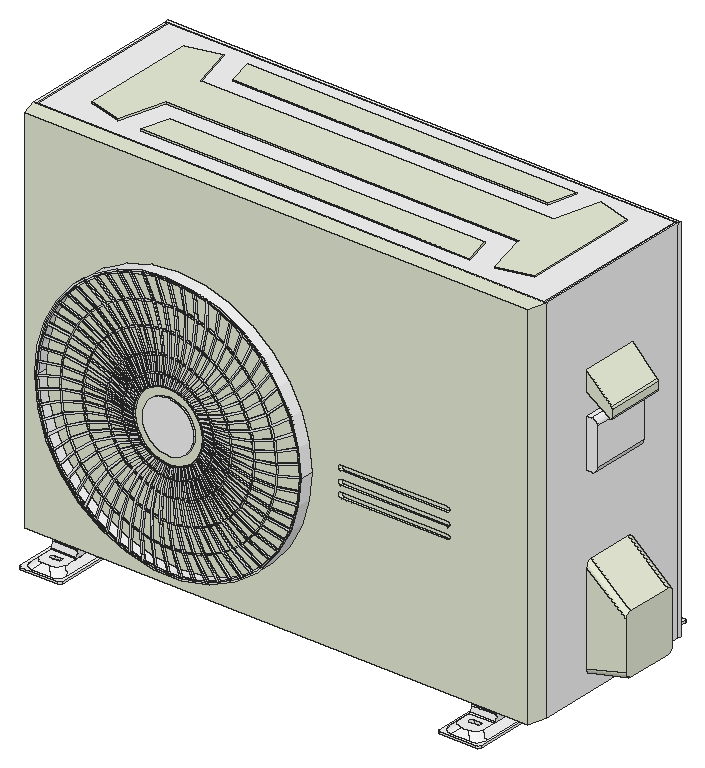
Revit family "SYSCOOL FLOOR 24 HP Q, наружный  блок", category Оборудование, Revit 2019
Family settings
  Размер круглого соединителя = Использовать диаметр
  Тип детали = Нормальный
  Номер OmniClass = 23.75.00.00
  Заголовок OmniClass = Climate Control (HVAC)
  На основе рабочей плоскости = Нет
  Всегда вертикально = Да
  При загрузке вырезать с полостями = Нет
  Общий = Нет
  Точка расчета площади = Нет
Parameters (values of type "MOX430-24HN1-QB6")
  clearance access right = 600.000 mm
  clearance access left = 300.000 mm
  clearance access front = 2000.000 mm
  clearance access behind = 300.000 mm
  clearance [instance] = no
  Width = 890.000 mm
  Series = ""
  Power supply = "1 phase, 220-240V, 50Hz"
  Net Weight = 55.50 kg
  Группа модели = "MOX430-24HN1-QB6"
  Liquid pipe Radius = 0.5 * Liquid pipe  # 4.760 mm
  Liquid pipe = 9.520 mm
  Installation = "Outdoor installation"
  Height = 673.000 mm
  Gas pipe Radius = 0.5 * Gas pipe  # 7.950 mm
  Gas pipe = 15.900 mm
  Gas = "R410A"
  Depth = 342.000 mm
  Condensation = ""
  Compressor = "1"
  Casing color = "SB2098"
  Air Flow = 3650.00 m³/h
Reference planes
  plane 1 "Center (Front/Back)": y = 0
  plane 2: z = 0
  plane 3 "Center (Left/Right)": x = 0
  plane 4: y = 155.5
  plane 5: y = -189.5
  plane 6: x = -400
  plane 7: x = 495
  plane 8: z = 406.5
  plane 9: z = 673
  plane 10: z = 289.5
  plane 11: x = -415
Forms (mm)
  Extrusion 1, solid, material "Galvanized Steel", detail levels medium+fine
    sketch origin (-463, 23.5, 789) x (1, 0, 0) y (0, 1, 0)
      loop
        line (63, -159) -> (71.574, -191) -> (949.426, -191) -> (958, -159) -> (63, -159)
    from -765 to -116
  Extrusion 2, void
    sketch origin (0, 0, -120) x (1, 0, 0) y (0, 0, 1)
      loop
        circle (-122.999, 406.499) r 230
    from 117.48 to 159
  Extrusion 3, solid, material "Galvanized Steel", detail levels fine
    sketch origin (0, 0, 0) x (1, 0, 0) y (0, 1, 0)
      loop
        line (-336.632, 111.286) -> (-336.632, -88.714) -> (-278.677, -104.243) -> (-257.971, -26.969) -> (100, -26.969) -> (357.971, -26.969) -> (378.677, -104.243) -> (436.632, -88.714) -> (436.632, 111.286) -> (378.677, 126.816) -> (357.971, 49.542) -> (100, 49.542) -> (-257.971, 49.542) -> (-278.677, 126.816) -> (-336.632, 111.286)
      loop
        line (-237.266, 126.816) -> (-224.511, 79.213) -> (100, 79.213) -> (324.511, 79.213) -> (337.266, 126.816) -> (100, 126.816) -> (-237.266, 126.816)
      loop
        line (-237.266, -106.816) -> (100, -106.816) -> (337.266, -106.816) -> (324.511, -59.213) -> (100, -59.213) -> (-224.511, -59.213) -> (-237.266, -106.816)
    from 673 to 675
  Extrusion 4, solid, material "Galvanized Steel", detail levels fine
    sketch origin (105.5, 0, 92.706) x (1, 0, 0) y (0, 0, 1)
      loop
        line (389.5, 440) -> (389.5, 406.221) -> (430.474, 377.42)
        arc (430.474, 377.42) -> (433.379, 376.988) -> (435.462, 379.059) r 3.274
        line (435.462, 379.059) -> (435.462, 392.009)
        arc (435.462, 392.009) -> (434.777, 394.004) -> (433.689, 395.811) r 10
        line (433.689, 395.811) -> (389.5, 440)
    from -49.542 to 50
  Extrusion 5, solid, material "HXL White", detail levels fine
    sketch origin (95, 0, 92.706) x (1, 0, 0) y (0, 0, 1)
      loop
        line (400, 367.163) -> (400, 282.163) -> (410, 282.163)
        arc (410, 282.163) -> (417.071, 285.092) -> (420, 292.163) r 10
        line (420, 292.163) -> (420, 357.163)
        arc (420, 357.163) -> (417.071, 364.234) -> (410, 367.163) r 10
        line (410, 367.163) -> (400, 367.163)
    from -49.542 to 50
  Extrusion 6, solid, material "HXL White", detail levels fine
    sketch origin (0, 0, 55) x (1, 0, 0) y (0, 0, 1)
      loop
        line (-400, 451.5) -> (-413.971, 441.771)
        arc (-413.971, 441.771) -> (-414.612, 441.134) -> (-415, 440.318) r 2.624
        line (-415, 440.318) -> (-415, 438.504)
        arc (-415, 438.504) -> (-414.222, 436.932) -> (-412.501, 436.597) r 1.977
        line (-412.501, 436.597) -> (-400, 440.016) -> (-400, 451.5)
    from -49.542 to 26.969
  Extrusion 7, void
    sketch origin (398.949, -167.5, 789) x (1, 0, 0) y (0, 0, -1)
      loop
        line (-236.785, 471.577) -> (-51.785, 471.577)
        arc (-51.785, 471.577) -> (-46.785, 476.577) -> (-51.785, 481.577) r 5
        line (-51.785, 481.577) -> (-236.785, 481.577)
        arc (-236.785, 481.577) -> (-241.785, 476.577) -> (-236.785, 471.577) r 5
      loop
        line (-236.785, 494.283) -> (-51.785, 494.283)
        arc (-51.785, 494.283) -> (-46.785, 499.283) -> (-51.785, 504.283) r 5
        line (-51.785, 504.283) -> (-236.785, 504.283)
        arc (-236.785, 504.283) -> (-241.785, 499.283) -> (-236.785, 494.283) r 5
      loop
        line (-236.785, 514.283) -> (-51.785, 514.283)
        arc (-51.785, 514.283) -> (-46.785, 519.283) -> (-51.785, 524.283) r 5
        line (-51.785, 524.283) -> (-236.785, 524.283)
        arc (-236.785, 524.283) -> (-241.785, 519.283) -> (-236.785, 514.283) r 5
    from 0 to 5.5
Cuts and joins
  Extrusion 2, Extrusion 7 cuts Extrusion 1
Lines and regions (mm)
  model lines
    curve 1: line (-305, 150.5, 673) -> (-305, -135.5, 673)
    curve 2: line (495, 150.5, 673) -> (-305, 150.5, 673)
    curve 3: line (495, -135.5, 673) -> (495, 150.5, 673)
    curve 4: line (-305, -135.5, 673) -> (495, -135.5, 673)
    curve 5: line (-400, 150.5, 24) -> (-400, -135.5, 24)
    curve 6: line (495, 150.5, 24) -> (-400, 150.5, 24)
    curve 7: line (495, -135.5, 24) -> (495, 150.5, 24)
    curve 8: line (-400, -135.5, 24) -> (495, -135.5, 24)
    curve 9: line (-400, -135.5, 555) -> (-400, -135.5, 24)
    curve 10: line (495, -135.5, 24) -> (495, -135.5, 668)
    curve 11: line (495, 155.5, 673) -> (495, 155.5, 142)
    curve 12: line (-400, 155.5, 142) -> (-400, 155.5, 673)
Dimensions and locks
  aligned and locked: level to plane 2
Nested families
  nested 1: "pingban-HXL" at (-400, 155.5, 24), type "pingban-HXL", detail levels medium+fine
    with Width 895.000 mm, Height 649.000 mm, Depth 5.000 mm
  nested 2: "pingban-HXL" at (-400, -135.5, 24) x (0, 1, 0) z (0, 0, 1), type "pingban-HXL", detail levels medium+fine
    with Width 286.000 mm, Height 649.000 mm, Depth 5.000 mm
  nested 3: "pingban-HXL" at (495, 150.5, 24) x (0, -1, 0) z (0, 0, 1), type "pingban-HXL", detail levels medium+fine
    with Width 286.000 mm, Height 649.000 mm, Depth 5.000 mm
  nested 4: "xiaodijia2" at (413, 0, 0), type "xiaodijia2", detail levels medium+fine
  nested 5: "xiaodijia2" at (-318, 0, 0), type "xiaodijia2", detail levels medium+fine
  nested 6: "pingban-HXL" at (-395, 150.5, 24), type "pingban-HXL", detail levels medium+fine
    with Width 885.000 mm, Height 5.000 mm, Depth 286.000 mm
  nested 7: "pingban-HXL" at (-395, 150.5, 668), type "pingban-HXL", detail levels medium+fine
    with Width 885.000 mm, Height 5.000 mm, Depth 286.000 mm
  nested 8: "service space" at (-400, 155.5, 0), visible <- "clearance", Height <- "Height", type "Midea Service  Space"
    with Width 895.000 mm, Height 673.000 mm, Depth 300.000 mm
  nested 9: "service space" at (495, -189.5, 0), visible <- "clearance", Height <- "Height", type "Midea Service  Space"
    with Width 600.000 mm, Height 673.000 mm, Depth 345.000 mm
  nested 10: "service space" at (-700, -189.5, 0), visible <- "clearance", Height <- "Height", type "Midea Service  Space"
    with Width 300.000 mm, Height 673.000 mm, Depth 345.000 mm
  nested 11: "service space" at (-400, -2189.5, 0), visible <- "clearance", Height <- "Height", type "Midea Service  Space"
    with Width 895.000 mm, Height 673.000 mm, Depth 2000.000 mm
  nested 12: "pretection" at (511.205, 0, 53.418), type "pretection", detail levels fine
    with clearance no
  nested 13: "fengkou230（quxian）" at (-122.999, -189.5, 286.5) x (1, 0, 0) z (0, 1, 0), type "fengkou230（quxian）", detail levels medium+fine
  nested 14: "fengshan230" at (-122.999, -130, 286.5) x (-1, 0, 0) z (0, 1, 0), type "fengshan230", detail levels fine
  nested 15: "guan_HXL" at (512.596, 0, 154.965) x (0, 0.866, -0.5) z (0, 0.5, 0.866), type "guan_HXL"
    with luomukuandu2 30.000 mm, luomukuandu 20.000 mm, luomuhoudu2 10.000 mm, luomuhoudu 10.000 mm, diameter2 20.000 mm, diameter 20.000 mm, Length2 40.000 mm, Length 85.000 mm
  nested 16: "guan_HXL" at (512.596, 0, 93.918) x (0, 0.866, -0.5) z (0, 0.5, 0.866), type "guan_HXL"
    with luomukuandu2 30.000 mm, luomukuandu 20.000 mm, luomuhoudu2 10.000 mm, luomuhoudu 10.000 mm, diameter2 20.000 mm, diameter 20.000 mm, Length2 40.000 mm, Length 85.000 mm
Connectors
  electrical at (515, -0.229, 417.369)
    settings: on Extrusion 5, index 1, voltage 220 V, apparent load 0 VA, apparent load phase1 0 VA, apparent load phase2 0 VA, apparent load phase3 0 VA, power factor 1, load classification "HVAC", number of poles 1, system type 30, power factor state 1, is connector primary yes, connector utility no, sub classification motor no, connector description ""
  piping at (467.596, 0, 154.965), diameter 6.35
    settings: on nested 15, index 2, connector inside diameter 1/4", connector length 0.000 mm, flow factor 0, pipe flow 0 GPM, pressure drop 0.00 psi, fitting loss kfactor 0, connector angle 0.00°, fixture units 0, engagement length 0.000 mm, angle of deflection 0.00°, flow configuration 0, flow direction 0, fitting loss method 0, system type 19, joint type 0, gender type 0, connector reference index -1, connector utility 0, adjustable connector no, is connector primary yes, connector description ""
  piping at (467.596, 0, 93.918), diameter 12.7
    settings: on nested 16, index 3, connector inside diameter 1/2", connector length 0.000 mm, flow factor 0, pipe flow 0 GPM, pressure drop 0.00 psi, fitting loss kfactor 0, connector angle 0.00°, fixture units 0, engagement length 0.000 mm, angle of deflection 0.00°, flow configuration 0, flow direction 0, fitting loss method 0, system type 19, joint type 0, gender type 0, connector reference index -1, connector utility 0, adjustable connector no, is connector primary no, connector description ""
Definition of nested family "pingban-HXL"
  Parameters
    Width [instance] = 65.000 mm
    Series = ""
    Machine material = none
    Installation = ""
    Height [instance] = 100.000 mm
    Gas = ""
    Depth [instance] = 5.000 mm
    Condensation = ""
  Reference planes
    plane 1 "Center (Front/Back)": y = 0
    plane 2: z = 0
    plane 3 "Center (Left/Right)": x = 0
    plane 4: z = 160
    plane 5: x = 65
  Forms (mm)
    Extrusion 1, solid, material <- "Machine material"
      sketch origin (0, 0, 0) x (1, 0, 0) y (0, 0, 1)
        loop
          line (0, 100) -> (0, 0) -> (65, 0) -> (65, 100) -> (0, 100)
      from 0 to 5
  Dimensions and locks
    "Width": Extrusion 1 to plane 3 "Center (Left/Right)"
    "Height": Extrusion 1 to level
    "Depth": Extrusion 1 to plane 1 "Center (Front/Back)"
    aligned and locked: level to plane 2
  Automatic sketch dimensions
    Extrusion 1 sketch curve to plane 3 "Center (Left/Right)" = 0.000 mm
    Extrusion 1 sketch curve to level = 0.000 mm
    Extrusion 1 sketch curve to plane 5 = 0.000 mm
    Extrusion 1 sketch curve to plane 4 = 60.000 mm
Definition of nested family "xiaodijia2"
  Reference planes
    plane 1 "Center (Front/Back)": y = 0
    plane 2: z = 0
    plane 3 "Center (Left/Right)": x = 0
    plane 4: y = 227
    plane 5: x = -36.5
    plane 6: x = 36.5
    plane 7: z = 12
    plane 8: z = 3
    plane 9: z = 24
    plane 10: y = -20
    plane 11: y = 20
    plane 12: x = 21.5
    plane 13: x = -21.5
    plane 14: y = 190
    plane 15: y = -190
    plane 16: x = -6
    plane 17: x = 6
    plane 18: y = -186
    plane 19: y = -194
  Forms (mm)
    Blend 1, solid
      base sketch origin (0, 0, 0) x (1, 0, 0) y (0, 1, 0)
        loop
          line (6.5, 212) -> (-6.5, 212)
          arc (-6.5, 212) -> (-17.107, 207.607) -> (-21.5, 197) r 15
          line (-21.5, 197) -> (-21.5, -197)
          arc (-21.5, -197) -> (-17.107, -207.607) -> (-6.5, -212) r 15
          line (-6.5, -212) -> (6.5, -212)
          arc (6.5, -212) -> (17.107, -207.607) -> (21.5, -197) r 15
          line (21.5, -197) -> (21.5, 197)
          arc (21.5, 197) -> (17.107, 207.607) -> (6.5, 212) r 15
      top sketch origin (0, 0, 0) x (1, 0, 0) y (0, 1, 0)
        loop
          line (26.5, 222) -> (-26.5, 222)
          arc (-26.5, 222) -> (-30.036, 220.536) -> (-31.5, 217) r 5
          line (-31.5, 217) -> (-31.5, -207)
          arc (-31.5, -207) -> (-27.107, -217.607) -> (-16.5, -222) r 15
          line (-16.5, -222) -> (16.5, -222)
          arc (16.5, -222) -> (27.107, -217.607) -> (31.5, -207) r 15
          line (31.5, -207) -> (31.5, 217)
          arc (31.5, 217) -> (30.036, 220.536) -> (26.5, 222) r 5
      from 12 to 3
    Blend 2, void
      base sketch origin (0, 0, 0) x (1, 0, 0) y (0, 1, 0)
        loop
          line (6.5, 202) -> (-6.5, 202)
          arc (-6.5, 202) -> (-10.036, 200.536) -> (-11.5, 197) r 5
          line (-11.5, 197) -> (-11.5, -197)
          arc (-11.5, -197) -> (-10.036, -200.536) -> (-6.5, -202) r 5
          line (-6.5, -202) -> (6.5, -202)
          arc (6.5, -202) -> (10.036, -200.536) -> (11.5, -197) r 5
          line (11.5, -197) -> (11.5, 197)
          arc (11.5, 197) -> (10.036, 200.536) -> (6.5, 202) r 5
      top sketch origin (0, 0, 0) x (1, 0, 0) y (0, 1, 0)
        loop
          line (31.5, -207) -> (31.5, 217)
          arc (31.5, 217) -> (30.036, 220.536) -> (26.5, 222) r 5
          line (26.5, 222) -> (-26.5, 222)
          arc (-26.5, 222) -> (-30.036, 220.536) -> (-31.5, 217) r 5
          line (-31.5, 217) -> (-31.5, -207)
          arc (-31.5, -207) -> (-27.107, -217.607) -> (-16.5, -222) r 15
          line (-16.5, -222) -> (16.5, -222)
          arc (16.5, -222) -> (27.107, -217.607) -> (31.5, -207) r 15
      from 8.355 to 3
    Extrusion 3, solid
      sketch origin (0, 0, 0) x (1, 0, 0) y (0, 1, 0)
        loop
          arc (-31.5, 227) -> (-35.036, 225.536) -> (-36.5, 222) r 5
          line (-36.5, 222) -> (-36.5, -222)
          arc (-36.5, -222) -> (-35.036, -225.536) -> (-31.5, -227) r 5
          line (-31.5, -227) -> (31.5, -227)
          arc (31.5, -227) -> (35.036, -225.536) -> (36.5, -222) r 5
          line (36.5, -222) -> (36.5, 222)
          arc (36.5, 222) -> (35.036, 225.536) -> (31.5, 227) r 5
          line (31.5, 227) -> (-31.5, 227)
        loop
          arc (-26.5, 222) -> (-30.036, 220.536) -> (-31.5, 217) r 5
          line (-31.5, 217) -> (-31.5, -207)
          arc (-31.5, -207) -> (-27.107, -217.607) -> (-16.5, -222) r 15
          line (-16.5, -222) -> (16.5, -222)
          arc (16.5, -222) -> (27.107, -217.607) -> (31.5, -207) r 15
          line (31.5, -207) -> (31.5, 217)
          arc (31.5, 217) -> (30.036, 220.536) -> (26.5, 222) r 5
          line (26.5, 222) -> (-26.5, 222)
      from 0 to 3
    Extrusion 4, solid
      sketch origin (0, 0, 0) x (0, 1, 0) y (0, 0, 1)
        loop
          arc (-19.275, 24) -> (-19.902, 23.667) -> (-20.264, 23.056) r 1.312
          line (-20.264, 23.056) -> (-22.833, 13.434)
          arc (-22.833, 13.434) -> (-23.437, 12.605) -> (-24.266, 12) r 3.318
          line (-24.266, 12) -> (24.266, 12)
          arc (24.266, 12) -> (23.437, 12.605) -> (22.833, 13.434) r 3.318
          line (22.833, 13.434) -> (20.264, 23.056)
          arc (20.264, 23.056) -> (19.902, 23.667) -> (19.275, 24) r 1.312
          line (19.275, 24) -> (-19.275, 24)
      from -21.5 to 21.5
    Extrusion 5, solid
      sketch origin (0, 150, 0) x (0, 1, 0) y (0, 0, 1)
        loop
          arc (-19.275, 24) -> (-19.902, 23.667) -> (-20.264, 23.056) r 1.312
          line (-20.264, 23.056) -> (-22.833, 13.434)
          arc (-22.833, 13.434) -> (-23.437, 12.605) -> (-24.266, 12) r 3.318
          line (-24.266, 12) -> (24.266, 12)
          arc (24.266, 12) -> (23.437, 12.605) -> (22.833, 13.434) r 3.318
          line (22.833, 13.434) -> (20.264, 23.056)
          arc (20.264, 23.056) -> (19.902, 23.667) -> (19.275, 24) r 1.312
          line (19.275, 24) -> (-19.275, 24)
      from -21.5 to 21.5
    Extrusion 6, solid
      sketch origin (0, -150, 0) x (0, 1, 0) y (0, 0, 1)
        loop
          arc (-19.275, 24) -> (-19.902, 23.667) -> (-20.264, 23.056) r 1.312
          line (-20.264, 23.056) -> (-22.833, 13.434)
          arc (-22.833, 13.434) -> (-23.437, 12.605) -> (-24.266, 12) r 3.318
          line (-24.266, 12) -> (24.266, 12)
          arc (24.266, 12) -> (23.437, 12.605) -> (22.833, 13.434) r 3.318
          line (22.833, 13.434) -> (20.264, 23.056)
          arc (20.264, 23.056) -> (19.902, 23.667) -> (19.275, 24) r 1.312
          line (19.275, 24) -> (-19.275, 24)
      from -21.5 to 21.5
    Extrusion 7, void
      sketch origin (0, 0, 0) x (1, 0, 0) y (0, 1, 0)
        loop
          arc (-6, -186) -> (-10, -190) -> (-6, -194) r 4
          line (-6, -194) -> (6, -194)
          arc (6, -194) -> (10, -190) -> (6, -186) r 4
          line (6, -186) -> (-6, -186)
        loop
          line (-6, 186) -> (6, 186)
          arc (6, 186) -> (10, 190) -> (6, 194) r 4
          line (6, 194) -> (-6, 194)
          arc (-6, 194) -> (-10, 190) -> (-6, 186) r 4
      from 0 to 20
  Cuts and joins
    Blend 2, Extrusion 7 cuts Blend 1
  Dimensions and locks
    aligned and locked: level to plane 2
Definition of nested family "service space"
  Parameters
    Width [instance] = 500.000 mm
    Height [instance] = 500.000 mm
    Depth [instance] = 500.000 mm
  Reference planes
    plane 1 "Center (Front/Back)": y = 0
    plane 2: z = 0
    plane 3 "Center (Left/Right)": x = 0
    plane 4: z = 500
    plane 5: y = 500
    plane 6: x = 500
  Forms (mm)
    Extrusion 1, solid
      sketch origin (0, 0, 0) x (1, 0, 0) y (0, 1, 0)
        loop
          line (0, 500) -> (0, 0) -> (500, 0) -> (500, 500) -> (0, 500)
      from 0 to 500
  Dimensions and locks
    "Width": plane 3 "Center (Left/Right)" to plane 6
    "Depth": plane 5 to plane 1 "Center (Front/Back)"
    "Height": level to plane 4
    aligned and locked: level to plane 2
    aligned and locked: plane 5 to Extrusion 1
    aligned and locked: Extrusion 1 to plane 6
    aligned and locked: Extrusion 1 to plane 3 "Center (Left/Right)"
    aligned and locked: plane 1 "Center (Front/Back)" to Extrusion 1
    aligned and locked: Extrusion 1 to plane 4
  Automatic sketch dimensions
    Extrusion 1 sketch curve to plane 3 "Center (Left/Right)" = 0.000 mm
    plane 1 "Center (Front/Back)" to Extrusion 1 sketch curve = 0.000 mm
    Extrusion 1 sketch curve to plane 6 = 0.000 mm
    Extrusion 1 sketch curve to plane 5 = 0.000 mm
Definition of nested family "pretection"
  Parameters
    clearance access right = 0.000 mm
    clearance access left = 0.000 mm
    clearance access front = 0.000 mm
    clearance access behind = 0.000 mm
    clearance [instance] = no
    Width = 102.000 mm
    Series = ""
    Panel color = ""
    Net Weight = 0.00 kg
    Minimum Circuit Amps = 0 A
    Min cable selection (power wiring) = ""
    Maximum Fuse Amps = 0 A
    Machine material = none
    Installation = ""
    Height = 180.000 mm
    Heating Power Input = 0.00 kW
    Heating Capacity = 0.00 kW
    Gas = ""
    Depth = 100.000 mm
    Cooling Power Input = 0.00 kW
    Cooling Capacity = 0.00 kW
    Condensation = ""
    Compressor = ""
    Casing color = ""
    Air Flow = 0.00 m³/h
  Reference planes
    plane 1 "Center (Front/Back)": y = 0
    plane 2: z = 0
    plane 3 "Center (Left/Right)": x = 0
    plane 4: y = 40
    plane 5: y = -40
    plane 6: z = 68.89
    plane 7: x = -16.205
  Forms (mm)
    Blend 1, solid
      base sketch origin (0, 0, 180) x (0, -1, 0) y (0, 0, -1)
        loop
          arc (-40, 162.015) -> (-47.071, 159.086) -> (-50, 152.015) r 10
          line (-50, 152.015) -> (-50, 68.89)
          arc (-50, 68.89) -> (-47.071, 61.819) -> (-40, 58.89) r 10
          line (-40, 58.89) -> (40, 58.89)
          arc (40, 58.89) -> (47.071, 61.819) -> (50, 68.89) r 10
          line (50, 68.89) -> (50, 152.015)
          arc (50, 152.015) -> (47.071, 159.086) -> (40, 162.015) r 10
          line (40, 162.015) -> (-40, 162.015)
      top sketch origin (0, 0, 180) x (0, -1, 0) y (0, 0, -1)
        loop
          arc (-40, 180) -> (-47.071, 177.071) -> (-50, 170) r 10
          line (-50, 170) -> (-50, 10)
          arc (-50, 10) -> (-47.071, 2.929) -> (-40, 0) r 10
          line (-40, 0) -> (40, 0)
          arc (40, 0) -> (47.071, 2.929) -> (50, 10) r 10
          line (50, 10) -> (50, 170)
          arc (50, 170) -> (47.071, 177.071) -> (40, 180) r 10
          line (40, 180) -> (-40, 180)
      from 53.795 to -16.205
    Blend 2, void
      base sketch origin (0, 0, 180) x (0, -1, 0) y (0, 0, -1)
        loop
          line (40, 157.015) -> (-40, 157.015)
          arc (-40, 157.015) -> (-43.536, 155.55) -> (-45, 152.015) r 5
          line (-45, 152.015) -> (-45, 68.89)
          arc (-45, 68.89) -> (-43.536, 65.354) -> (-40, 63.89) r 5
          line (-40, 63.89) -> (40, 63.89)
          arc (40, 63.89) -> (43.536, 65.354) -> (45, 68.89) r 5
          line (45, 68.89) -> (45, 152.015)
          arc (45, 152.015) -> (43.536, 155.55) -> (40, 157.015) r 5
      top sketch origin (0, 0, 180) x (0, -1, 0) y (0, 0, -1)
        loop
          line (40, 175) -> (-40, 175)
          arc (-40, 175) -> (-43.536, 173.536) -> (-45, 170) r 5
          line (-45, 170) -> (-45, 10)
          arc (-45, 10) -> (-43.536, 6.464) -> (-40, 5) r 5
          line (-40, 5) -> (40, 5)
          arc (40, 5) -> (43.536, 6.464) -> (45, 10) r 5
          line (45, 10) -> (45, 170)
          arc (45, 170) -> (43.536, 173.536) -> (40, 175) r 5
      from 45.659 to -51
    Extrusion 3, void
      sketch origin (0, 0, 0) x (1, 0, 0) y (0, 0, 1)
        loop
          line (48.795, 32.985) -> (48.795, 105.394) -> (-11.065, 138.574) -> (-11.065, 21.35) -> (48.795, 32.985)
      from -56.535 to -45
  Cuts and joins
    Blend 2, Extrusion 3 cuts Blend 1
  Dimensions and locks
    aligned and locked: level to plane 2
Definition of nested family "fengkou230（quxian）"
  Parameters
    Series = ""
    Machine material = none
    Installation = ""
    Gas = ""
    Condensation = ""
  Reference planes
    plane 1 "Center (Front/Back)": y = 0
    plane 2: z = 0
    plane 3 "Center (Left/Right)": x = 0
  Forms (mm)
    Extrusion 1, solid, material <- "Machine material"
      sketch origin (0, 0, 0) x (1, 0, 0) y (0, 1, 0)
        loop
          circle (0, 0) r 60
        loop
          circle (0, 0) r 61
        loop
          circle (0, 0) r 80
        loop
          circle (0, 0) r 81
        loop
          circle (0, 0) r 109
        loop
          circle (0, 0) r 110
        loop
          circle (0, 0) r 149
        loop
          circle (0, 0) r 150
        loop
          circle (0, 0) r 189
        loop
          circle (0, 0) r 190
        loop
          circle (0, 0) r 229
        loop
          circle (0, 0) r 230
      from 0 to 2
    Extrusion 2, solid, material <- "Machine material"
      sketch origin (0, 0, 0) x (-0.92388, 0.382683, 0) y (-0.382683, -0.92388, 0)
        loop
          line (1.697, 229.995) -> (-1.5, 229.995)
          arc (-1.5, 229.995) -> (-16.559, 144.988) -> (-1.5, 59.981) r 247.455
          line (-1.5, 59.981) -> (1.697, 59.981)
          arc (1.697, 59.981) -> (-13.559, 144.988) -> (1.697, 229.995) r 244.455
      from 0 to 2
    Extrusion 3, solid, material <- "Machine material"
      sketch origin (0, 0, 0) x (0.92388, -0.382683, 0) y (0.382683, 0.92388, 0)
        loop
          line (1.697, 229.995) -> (-1.5, 229.995)
          arc (-1.5, 229.995) -> (-16.559, 144.988) -> (-1.5, 59.981) r 247.455
          line (-1.5, 59.981) -> (1.697, 59.981)
          arc (1.697, 59.981) -> (-13.559, 144.988) -> (1.697, 229.995) r 244.455
      from 0 to 2
    Extrusion 4, solid, material <- "Machine material"
      sketch origin (0, 0, 0) x (0.382683, 0.92388, 0) y (-0.92388, 0.382683, 0)
        loop
          line (1.697, 229.995) -> (-1.5, 229.995)
          arc (-1.5, 229.995) -> (-16.559, 144.988) -> (-1.5, 59.981) r 247.455
          line (-1.5, 59.981) -> (1.697, 59.981)
          arc (1.697, 59.981) -> (-13.559, 144.988) -> (1.697, 229.995) r 244.455
      from 0 to 2
    Extrusion 5, solid, material <- "Machine material"
      sketch origin (0, 0, 0) x (-0.382683, -0.92388, 0) y (0.92388, -0.382683, 0)
        loop
          line (1.697, 229.995) -> (-1.5, 229.995)
          arc (-1.5, 229.995) -> (-16.559, 144.988) -> (-1.5, 59.981) r 247.455
          line (-1.5, 59.981) -> (1.697, 59.981)
          arc (1.697, 59.981) -> (-13.559, 144.988) -> (1.697, 229.995) r 244.455
      from 0 to 2
    Extrusion 6, solid, material <- "Machine material"
      sketch origin (0, 0, 0) x (-0.382683, 0.92388, 0) y (-0.92388, -0.382683, 0)
        loop
          line (1.697, 229.995) -> (-1.5, 229.995)
          arc (-1.5, 229.995) -> (-16.559, 144.988) -> (-1.5, 59.981) r 247.455
          line (-1.5, 59.981) -> (1.697, 59.981)
          arc (1.697, 59.981) -> (-13.559, 144.988) -> (1.697, 229.995) r 244.455
      from 0 to 2
    Extrusion 7, solid, material <- "Machine material"
      sketch origin (0, 0, 0) x (0.382683, -0.92388, 0) y (0.92388, 0.382683, 0)
        loop
          line (1.697, 229.995) -> (-1.5, 229.995)
          arc (-1.5, 229.995) -> (-16.559, 144.988) -> (-1.5, 59.981) r 247.455
          line (-1.5, 59.981) -> (1.697, 59.981)
          arc (1.697, 59.981) -> (-13.559, 144.988) -> (1.697, 229.995) r 244.455
      from 0 to 2
    Extrusion 8, solid, material <- "Machine material"
      sketch origin (0, 0, 0) x (0.92388, 0.382683, 0) y (-0.382683, 0.92388, 0)
        loop
          line (1.697, 229.995) -> (-1.5, 229.995)
          arc (-1.5, 229.995) -> (-16.559, 144.988) -> (-1.5, 59.981) r 247.455
          line (-1.5, 59.981) -> (1.697, 59.981)
          arc (1.697, 59.981) -> (-13.559, 144.988) -> (1.697, 229.995) r 244.455
      from 0 to 2
    Extrusion 9, solid, material <- "Machine material"
      sketch origin (0, 0, 0) x (-0.92388, -0.382683, 0) y (0.382683, -0.92388, 0)
        loop
          line (1.697, 229.995) -> (-1.5, 229.995)
          arc (-1.5, 229.995) -> (-16.559, 144.988) -> (-1.5, 59.981) r 247.455
          line (-1.5, 59.981) -> (1.697, 59.981)
          arc (1.697, 59.981) -> (-13.559, 144.988) -> (1.697, 229.995) r 244.455
      from 0 to 2
    Extrusion 10, solid, material <- "Machine material"
      sketch origin (0, 0, 0) x (-0.707107, 0.707107, 0) y (-0.707107, -0.707107, 0)
        loop
          line (1.697, 229.995) -> (-1.5, 229.995)
          arc (-1.5, 229.995) -> (-16.559, 144.988) -> (-1.5, 59.981) r 247.455
          line (-1.5, 59.981) -> (1.697, 59.981)
          arc (1.697, 59.981) -> (-13.559, 144.988) -> (1.697, 229.995) r 244.455
      from 0 to 2
    Extrusion 11, solid, material <- "Machine material"
      sketch origin (0, 0, 0) x (0.707107, -0.707107, 0) y (0.707107, 0.707107, 0)
        loop
          line (1.697, 229.995) -> (-1.5, 229.995)
          arc (-1.5, 229.995) -> (-16.559, 144.988) -> (-1.5, 59.981) r 247.455
          line (-1.5, 59.981) -> (1.697, 59.981)
          arc (1.697, 59.981) -> (-13.559, 144.988) -> (1.697, 229.995) r 244.455
      from 0 to 2
    Extrusion 12, solid, material <- "Machine material"
      sketch origin (0, 0, 0) x (0.707107, 0.707107, 0) y (-0.707107, 0.707107, 0)
        loop
          line (1.697, 229.995) -> (-1.5, 229.995)
          arc (-1.5, 229.995) -> (-16.559, 144.988) -> (-1.5, 59.981) r 247.455
          line (-1.5, 59.981) -> (1.697, 59.981)
          arc (1.697, 59.981) -> (-13.559, 144.988) -> (1.697, 229.995) r 244.455
      from 0 to 2
    Extrusion 13, solid, material <- "Machine material"
      sketch origin (0, 0, 0) x (-0.707107, -0.707107, 0) y (0.707107, -0.707107, 0)
        loop
          line (1.697, 229.995) -> (-1.5, 229.995)
          arc (-1.5, 229.995) -> (-16.559, 144.988) -> (-1.5, 59.981) r 247.455
          line (-1.5, 59.981) -> (1.697, 59.981)
          arc (1.697, 59.981) -> (-13.559, 144.988) -> (1.697, 229.995) r 244.455
      from 0 to 2
    Extrusion 14, solid, material <- "Machine material"
      sketch origin (0, 0, 0) x (0, 1, 0) y (-1, 0, 0)
        loop
          line (1.697, 229.995) -> (-1.5, 229.995)
          arc (-1.5, 229.995) -> (-16.559, 144.988) -> (-1.5, 59.981) r 247.455
          line (-1.5, 59.981) -> (1.697, 59.981)
          arc (1.697, 59.981) -> (-13.559, 144.988) -> (1.697, 229.995) r 244.455
      from 0 to 2
    Extrusion 15, solid, material <- "Machine material"
      sketch origin (0, 0, 0) x (0, -1, 0) y (1, 0, 0)
        loop
          line (1.697, 229.995) -> (-1.5, 229.995)
          arc (-1.5, 229.995) -> (-16.559, 144.988) -> (-1.5, 59.981) r 247.455
          line (-1.5, 59.981) -> (1.697, 59.981)
          arc (1.697, 59.981) -> (-13.559, 144.988) -> (1.697, 229.995) r 244.455
      from 0 to 2
    Extrusion 16, solid, material <- "Machine material"
      sketch origin (0, 0, 0) x (1, 0, 0) y (0, 1, 0)
        loop
          line (1.697, 229.995) -> (-1.5, 229.995)
          arc (-1.5, 229.995) -> (-16.559, 144.988) -> (-1.5, 59.981) r 247.455
          line (-1.5, 59.981) -> (1.697, 59.981)
          arc (1.697, 59.981) -> (-13.559, 144.988) -> (1.697, 229.995) r 244.455
      from 0 to 2
    Extrusion 17, solid, material <- "Machine material"
      sketch origin (0, 0, 0) x (-1, 0, 0) y (0, -1, 0)
        loop
          line (1.697, 229.995) -> (-1.5, 229.995)
          arc (-1.5, 229.995) -> (-16.559, 144.988) -> (-1.5, 59.981) r 247.455
          line (-1.5, 59.981) -> (1.697, 59.981)
          arc (1.697, 59.981) -> (-13.559, 144.988) -> (1.697, 229.995) r 244.455
      from 0 to 2
    Extrusion 18, solid, material <- "Machine material"
      sketch origin (0, 0, 0) x (-0.980785, 0.19509, 0) y (-0.19509, -0.980785, 0)
        loop
          line (1.697, 229.995) -> (-1.5, 229.995)
          arc (-1.5, 229.995) -> (-16.559, 144.988) -> (-1.5, 59.981) r 247.455
          line (-1.5, 59.981) -> (1.697, 59.981)
          arc (1.697, 59.981) -> (-13.559, 144.988) -> (1.697, 229.995) r 244.455
      from 0 to 2
    Extrusion 19, solid, material <- "Machine material"
      sketch origin (0, 0, 0) x (0.980785, -0.19509, 0) y (0.19509, 0.980785, 0)
        loop
          line (1.697, 229.995) -> (-1.5, 229.995)
          arc (-1.5, 229.995) -> (-16.559, 144.988) -> (-1.5, 59.981) r 247.455
          line (-1.5, 59.981) -> (1.697, 59.981)
          arc (1.697, 59.981) -> (-13.559, 144.988) -> (1.697, 229.995) r 244.455
      from 0 to 2
    Extrusion 20, solid, material <- "Machine material"
      sketch origin (0, 0, 0) x (0.19509, 0.980785, 0) y (-0.980785, 0.19509, 0)
        loop
          line (1.697, 229.995) -> (-1.5, 229.995)
          arc (-1.5, 229.995) -> (-16.559, 144.988) -> (-1.5, 59.981) r 247.455
          line (-1.5, 59.981) -> (1.697, 59.981)
          arc (1.697, 59.981) -> (-13.559, 144.988) -> (1.697, 229.995) r 244.455
      from 0 to 2
    Extrusion 21, solid, material <- "Machine material"
      sketch origin (0, 0, 0) x (-0.19509, -0.980785, 0) y (0.980785, -0.19509, 0)
        loop
          line (1.697, 229.995) -> (-1.5, 229.995)
          arc (-1.5, 229.995) -> (-16.559, 144.988) -> (-1.5, 59.981) r 247.455
          line (-1.5, 59.981) -> (1.697, 59.981)
          arc (1.697, 59.981) -> (-13.559, 144.988) -> (1.697, 229.995) r 244.455
      from 0 to 2
    Extrusion 22, solid, material <- "Machine material"
      sketch origin (0, 0, 0) x (-0.55557, 0.83147, 0) y (-0.83147, -0.55557, 0)
        loop
          line (1.697, 229.995) -> (-1.5, 229.995)
          arc (-1.5, 229.995) -> (-16.559, 144.988) -> (-1.5, 59.981) r 247.455
          line (-1.5, 59.981) -> (1.697, 59.981)
          arc (1.697, 59.981) -> (-13.559, 144.988) -> (1.697, 229.995) r 244.455
      from 0 to 2
    Extrusion 23, solid, material <- "Machine material"
      sketch origin (0, 0, 0) x (0.55557, -0.83147, 0) y (0.83147, 0.55557, 0)
        loop
          line (1.697, 229.995) -> (-1.5, 229.995)
          arc (-1.5, 229.995) -> (-16.559, 144.988) -> (-1.5, 59.981) r 247.455
          line (-1.5, 59.981) -> (1.697, 59.981)
          arc (1.697, 59.981) -> (-13.559, 144.988) -> (1.697, 229.995) r 244.455
      from 0 to 2
    Extrusion 24, solid, material <- "Machine material"
      sketch origin (0, 0, 0) x (0.83147, 0.55557, 0) y (-0.55557, 0.83147, 0)
        loop
          line (1.697, 229.995) -> (-1.5, 229.995)
          arc (-1.5, 229.995) -> (-16.559, 144.988) -> (-1.5, 59.981) r 247.455
          line (-1.5, 59.981) -> (1.697, 59.981)
          arc (1.697, 59.981) -> (-13.559, 144.988) -> (1.697, 229.995) r 244.455
      from 0 to 2
    Extrusion 25, solid, material <- "Machine material"
      sketch origin (0, 0, 0) x (-0.83147, -0.55557, 0) y (0.55557, -0.83147, 0)
        loop
          line (1.697, 229.995) -> (-1.5, 229.995)
          arc (-1.5, 229.995) -> (-16.559, 144.988) -> (-1.5, 59.981) r 247.455
          line (-1.5, 59.981) -> (1.697, 59.981)
          arc (1.697, 59.981) -> (-13.559, 144.988) -> (1.697, 229.995) r 244.455
      from 0 to 2
    Extrusion 26, solid, material <- "Machine material"
      sketch origin (0, 0, 0) x (-0.83147, 0.55557, 0) y (-0.55557, -0.83147, 0)
        loop
          line (1.697, 229.995) -> (-1.5, 229.995)
          arc (-1.5, 229.995) -> (-16.559, 144.988) -> (-1.5, 59.981) r 247.455
          line (-1.5, 59.981) -> (1.697, 59.981)
          arc (1.697, 59.981) -> (-13.559, 144.988) -> (1.697, 229.995) r 244.455
      from 0 to 2
    Extrusion 27, solid, material <- "Machine material"
      sketch origin (0, 0, 0) x (0.83147, -0.55557, 0) y (0.55557, 0.83147, 0)
        loop
          line (1.697, 229.995) -> (-1.5, 229.995)
          arc (-1.5, 229.995) -> (-16.559, 144.988) -> (-1.5, 59.981) r 247.455
          line (-1.5, 59.981) -> (1.697, 59.981)
          arc (1.697, 59.981) -> (-13.559, 144.988) -> (1.697, 229.995) r 244.455
      from 0 to 2
    Extrusion 28, solid, material <- "Machine material"
      sketch origin (0, 0, 0) x (0.55557, 0.83147, 0) y (-0.83147, 0.55557, 0)
        loop
          line (1.697, 229.995) -> (-1.5, 229.995)
          arc (-1.5, 229.995) -> (-16.559, 144.988) -> (-1.5, 59.981) r 247.455
          line (-1.5, 59.981) -> (1.697, 59.981)
          arc (1.697, 59.981) -> (-13.559, 144.988) -> (1.697, 229.995) r 244.455
      from 0 to 2
    Extrusion 29, solid, material <- "Machine material"
      sketch origin (0, 0, 0) x (-0.55557, -0.83147, 0) y (0.83147, -0.55557, 0)
        loop
          line (1.697, 229.995) -> (-1.5, 229.995)
          arc (-1.5, 229.995) -> (-16.559, 144.988) -> (-1.5, 59.981) r 247.455
          line (-1.5, 59.981) -> (1.697, 59.981)
          arc (1.697, 59.981) -> (-13.559, 144.988) -> (1.697, 229.995) r 244.455
      from 0 to 2
    Extrusion 30, solid, material <- "Machine material"
      sketch origin (0, 0, 0) x (-0.19509, 0.980785, 0) y (-0.980785, -0.19509, 0)
        loop
          line (1.697, 229.995) -> (-1.5, 229.995)
          arc (-1.5, 229.995) -> (-16.559, 144.988) -> (-1.5, 59.981) r 247.455
          line (-1.5, 59.981) -> (1.697, 59.981)
          arc (1.697, 59.981) -> (-13.559, 144.988) -> (1.697, 229.995) r 244.455
      from 0 to 2
    Extrusion 31, solid, material <- "Machine material"
      sketch origin (0, 0, 0) x (0.19509, -0.980785, 0) y (0.980785, 0.19509, 0)
        loop
          line (1.697, 229.995) -> (-1.5, 229.995)
          arc (-1.5, 229.995) -> (-16.559, 144.988) -> (-1.5, 59.981) r 247.455
          line (-1.5, 59.981) -> (1.697, 59.981)
          arc (1.697, 59.981) -> (-13.559, 144.988) -> (1.697, 229.995) r 244.455
      from 0 to 2
    Extrusion 32, solid, material <- "Machine material"
      sketch origin (0, 0, 0) x (0.980785, 0.19509, 0) y (-0.19509, 0.980785, 0)
        loop
          line (1.697, 229.995) -> (-1.5, 229.995)
          arc (-1.5, 229.995) -> (-16.559, 144.988) -> (-1.5, 59.981) r 247.455
          line (-1.5, 59.981) -> (1.697, 59.981)
          arc (1.697, 59.981) -> (-13.559, 144.988) -> (1.697, 229.995) r 244.455
      from 0 to 2
    Extrusion 33, solid, material <- "Machine material"
      sketch origin (0, 0, 0) x (-0.980785, -0.19509, 0) y (0.19509, -0.980785, 0)
        loop
          line (1.697, 229.995) -> (-1.5, 229.995)
          arc (-1.5, 229.995) -> (-16.559, 144.988) -> (-1.5, 59.981) r 247.455
          line (-1.5, 59.981) -> (1.697, 59.981)
          arc (1.697, 59.981) -> (-13.559, 144.988) -> (1.697, 229.995) r 244.455
      from 0 to 2
    Extrusion 34, solid, material <- "Machine material"
      sketch origin (0, 0, 0) x (-0.95694, 0.290285, 0) y (-0.290285, -0.95694, 0)
        loop
          line (1.697, 229.995) -> (-1.5, 229.995)
          arc (-1.5, 229.995) -> (-16.559, 144.988) -> (-1.5, 59.981) r 247.455
          line (-1.5, 59.981) -> (1.697, 59.981)
          arc (1.697, 59.981) -> (-13.559, 144.988) -> (1.697, 229.995) r 244.455
      from 0 to 2
    Extrusion 35, solid, material <- "Machine material"
      sketch origin (0, 0, 0) x (0.95694, -0.290285, 0) y (0.290285, 0.95694, 0)
        loop
          line (1.697, 229.995) -> (-1.5, 229.995)
          arc (-1.5, 229.995) -> (-16.559, 144.988) -> (-1.5, 59.981) r 247.455
          line (-1.5, 59.981) -> (1.697, 59.981)
          arc (1.697, 59.981) -> (-13.559, 144.988) -> (1.697, 229.995) r 244.455
      from 0 to 2
    Extrusion 36, solid, material <- "Machine material"
      sketch origin (0, 0, 0) x (0.290285, 0.95694, 0) y (-0.95694, 0.290285, 0)
        loop
          line (1.697, 229.995) -> (-1.5, 229.995)
          arc (-1.5, 229.995) -> (-16.559, 144.988) -> (-1.5, 59.981) r 247.455
          line (-1.5, 59.981) -> (1.697, 59.981)
          arc (1.697, 59.981) -> (-13.559, 144.988) -> (1.697, 229.995) r 244.455
      from 0 to 2
    Extrusion 37, solid, material <- "Machine material"
      sketch origin (0, 0, 0) x (-0.290285, -0.95694, 0) y (0.95694, -0.290285, 0)
        loop
          line (1.697, 229.995) -> (-1.5, 229.995)
          arc (-1.5, 229.995) -> (-16.559, 144.988) -> (-1.5, 59.981) r 247.455
          line (-1.5, 59.981) -> (1.697, 59.981)
          arc (1.697, 59.981) -> (-13.559, 144.988) -> (1.697, 229.995) r 244.455
      from 0 to 2
    Extrusion 38, solid, material <- "Machine material"
      sketch origin (0, 0, 0) x (-0.471397, 0.881921, 0) y (-0.881921, -0.471397, 0)
        loop
          line (1.697, 229.995) -> (-1.5, 229.995)
          arc (-1.5, 229.995) -> (-16.559, 144.988) -> (-1.5, 59.981) r 247.455
          line (-1.5, 59.981) -> (1.697, 59.981)
          arc (1.697, 59.981) -> (-13.559, 144.988) -> (1.697, 229.995) r 244.455
      from 0 to 2
    Extrusion 39, solid, material <- "Machine material"
      sketch origin (0, 0, 0) x (0.471397, -0.881921, 0) y (0.881921, 0.471397, 0)
        loop
          line (1.697, 229.995) -> (-1.5, 229.995)
          arc (-1.5, 229.995) -> (-16.559, 144.988) -> (-1.5, 59.981) r 247.455
          line (-1.5, 59.981) -> (1.697, 59.981)
          arc (1.697, 59.981) -> (-13.559, 144.988) -> (1.697, 229.995) r 244.455
      from 0 to 2
    Extrusion 40, solid, material <- "Machine material"
      sketch origin (0, 0, 0) x (0.881921, 0.471397, 0) y (-0.471397, 0.881921, 0)
        loop
          line (1.697, 229.995) -> (-1.5, 229.995)
          arc (-1.5, 229.995) -> (-16.559, 144.988) -> (-1.5, 59.981) r 247.455
          line (-1.5, 59.981) -> (1.697, 59.981)
          arc (1.697, 59.981) -> (-13.559, 144.988) -> (1.697, 229.995) r 244.455
      from 0 to 2
    Extrusion 41, solid, material <- "Machine material"
      sketch origin (0, 0, 0) x (-0.881921, -0.471397, 0) y (0.471397, -0.881921, 0)
        loop
          line (1.697, 229.995) -> (-1.5, 229.995)
          arc (-1.5, 229.995) -> (-16.559, 144.988) -> (-1.5, 59.981) r 247.455
          line (-1.5, 59.981) -> (1.697, 59.981)
          arc (1.697, 59.981) -> (-13.559, 144.988) -> (1.697, 229.995) r 244.455
      from 0 to 2
    Extrusion 42, solid, material <- "Machine material"
      sketch origin (0, 0, 0) x (-0.77301, 0.634393, 0) y (-0.634393, -0.77301, 0)
        loop
          line (1.697, 229.995) -> (-1.5, 229.995)
          arc (-1.5, 229.995) -> (-16.559, 144.988) -> (-1.5, 59.981) r 247.455
          line (-1.5, 59.981) -> (1.697, 59.981)
          arc (1.697, 59.981) -> (-13.559, 144.988) -> (1.697, 229.995) r 244.455
      from 0 to 2
    Extrusion 43, solid, material <- "Machine material"
      sketch origin (0, 0, 0) x (0.77301, -0.634393, 0) y (0.634393, 0.77301, 0)
        loop
          line (1.697, 229.995) -> (-1.5, 229.995)
          arc (-1.5, 229.995) -> (-16.559, 144.988) -> (-1.5, 59.981) r 247.455
          line (-1.5, 59.981) -> (1.697, 59.981)
          arc (1.697, 59.981) -> (-13.559, 144.988) -> (1.697, 229.995) r 244.455
      from 0 to 2
    Extrusion 44, solid, material <- "Machine material"
      sketch origin (0, 0, 0) x (0.634393, 0.77301, 0) y (-0.77301, 0.634393, 0)
        loop
          line (1.697, 229.995) -> (-1.5, 229.995)
          arc (-1.5, 229.995) -> (-16.559, 144.988) -> (-1.5, 59.981) r 247.455
          line (-1.5, 59.981) -> (1.697, 59.981)
          arc (1.697, 59.981) -> (-13.559, 144.988) -> (1.697, 229.995) r 244.455
      from 0 to 2
    Extrusion 45, solid, material <- "Machine material"
      sketch origin (0, 0, 0) x (-0.634393, -0.77301, 0) y (0.77301, -0.634393, 0)
        loop
          line (1.697, 229.995) -> (-1.5, 229.995)
          arc (-1.5, 229.995) -> (-16.559, 144.988) -> (-1.5, 59.981) r 247.455
          line (-1.5, 59.981) -> (1.697, 59.981)
          arc (1.697, 59.981) -> (-13.559, 144.988) -> (1.697, 229.995) r 244.455
      from 0 to 2
    Extrusion 46, solid, material <- "Machine material"
      sketch origin (0, 0, 0) x (-0.098017, 0.995185, 0) y (-0.995185, -0.098017, 0)
        loop
          line (1.697, 229.995) -> (-1.5, 229.995)
          arc (-1.5, 229.995) -> (-16.559, 144.988) -> (-1.5, 59.981) r 247.455
          line (-1.5, 59.981) -> (1.697, 59.981)
          arc (1.697, 59.981) -> (-13.559, 144.988) -> (1.697, 229.995) r 244.455
      from 0 to 2
    Extrusion 47, solid, material <- "Machine material"
      sketch origin (0, 0, 0) x (0.098017, -0.995185, 0) y (0.995185, 0.098017, 0)
        loop
          line (1.697, 229.995) -> (-1.5, 229.995)
          arc (-1.5, 229.995) -> (-16.559, 144.988) -> (-1.5, 59.981) r 247.455
          line (-1.5, 59.981) -> (1.697, 59.981)
          arc (1.697, 59.981) -> (-13.559, 144.988) -> (1.697, 229.995) r 244.455
      from 0 to 2
    Extrusion 48, solid, material <- "Machine material"
      sketch origin (0, 0, 0) x (0.995185, 0.098017, 0) y (-0.098017, 0.995185, 0)
        loop
          line (1.697, 229.995) -> (-1.5, 229.995)
          arc (-1.5, 229.995) -> (-16.559, 144.988) -> (-1.5, 59.981) r 247.455
          line (-1.5, 59.981) -> (1.697, 59.981)
          arc (1.697, 59.981) -> (-13.559, 144.988) -> (1.697, 229.995) r 244.455
      from 0 to 2
    Extrusion 49, solid, material <- "Machine material"
      sketch origin (0, 0, 0) x (-0.995185, -0.098017, 0) y (0.098017, -0.995185, 0)
        loop
          line (1.697, 229.995) -> (-1.5, 229.995)
          arc (-1.5, 229.995) -> (-16.559, 144.988) -> (-1.5, 59.981) r 247.455
          line (-1.5, 59.981) -> (1.697, 59.981)
          arc (1.697, 59.981) -> (-13.559, 144.988) -> (1.697, 229.995) r 244.455
      from 0 to 2
    Extrusion 50, solid, material <- "Machine material"
      sketch origin (0, 0, 0) x (-0.995185, 0.098017, 0) y (-0.098017, -0.995185, 0)
        loop
          line (1.697, 229.995) -> (-1.5, 229.995)
          arc (-1.5, 229.995) -> (-16.559, 144.988) -> (-1.5, 59.981) r 247.455
          line (-1.5, 59.981) -> (1.697, 59.981)
          arc (1.697, 59.981) -> (-13.559, 144.988) -> (1.697, 229.995) r 244.455
      from 0 to 2
    Extrusion 51, solid, material <- "Machine material"
      sketch origin (0, 0, 0) x (0.995185, -0.098017, 0) y (0.098017, 0.995185, 0)
        loop
          line (1.697, 229.995) -> (-1.5, 229.995)
          arc (-1.5, 229.995) -> (-16.559, 144.988) -> (-1.5, 59.981) r 247.455
          line (-1.5, 59.981) -> (1.697, 59.981)
          arc (1.697, 59.981) -> (-13.559, 144.988) -> (1.697, 229.995) r 244.455
      from 0 to 2
    Extrusion 52, solid, material <- "Machine material"
      sketch origin (0, 0, 0) x (0.098017, 0.995185, 0) y (-0.995185, 0.098017, 0)
        loop
          line (1.697, 229.995) -> (-1.5, 229.995)
          arc (-1.5, 229.995) -> (-16.559, 144.988) -> (-1.5, 59.981) r 247.455
          line (-1.5, 59.981) -> (1.697, 59.981)
          arc (1.697, 59.981) -> (-13.559, 144.988) -> (1.697, 229.995) r 244.455
      from 0 to 2
    Extrusion 53, solid, material <- "Machine material"
      sketch origin (0, 0, 0) x (-0.098017, -0.995185, 0) y (0.995185, -0.098017, 0)
        loop
          line (1.697, 229.995) -> (-1.5, 229.995)
          arc (-1.5, 229.995) -> (-16.559, 144.988) -> (-1.5, 59.981) r 247.455
          line (-1.5, 59.981) -> (1.697, 59.981)
          arc (1.697, 59.981) -> (-13.559, 144.988) -> (1.697, 229.995) r 244.455
      from 0 to 2
    Extrusion 54, solid, material <- "Machine material"
      sketch origin (0, 0, 0) x (-0.634393, 0.77301, 0) y (-0.77301, -0.634393, 0)
        loop
          line (1.697, 229.995) -> (-1.5, 229.995)
          arc (-1.5, 229.995) -> (-16.559, 144.988) -> (-1.5, 59.981) r 247.455
          line (-1.5, 59.981) -> (1.697, 59.981)
          arc (1.697, 59.981) -> (-13.559, 144.988) -> (1.697, 229.995) r 244.455
      from 0 to 2
    Extrusion 55, solid, material <- "Machine material"
      sketch origin (0, 0, 0) x (0.634393, -0.77301, 0) y (0.77301, 0.634393, 0)
        loop
          line (1.697, 229.995) -> (-1.5, 229.995)
          arc (-1.5, 229.995) -> (-16.559, 144.988) -> (-1.5, 59.981) r 247.455
          line (-1.5, 59.981) -> (1.697, 59.981)
          arc (1.697, 59.981) -> (-13.559, 144.988) -> (1.697, 229.995) r 244.455
      from 0 to 2
    Extrusion 56, solid, material <- "Machine material"
      sketch origin (0, 0, 0) x (0.77301, 0.634393, 0) y (-0.634393, 0.77301, 0)
        loop
          line (1.697, 229.995) -> (-1.5, 229.995)
          arc (-1.5, 229.995) -> (-16.559, 144.988) -> (-1.5, 59.981) r 247.455
          line (-1.5, 59.981) -> (1.697, 59.981)
          arc (1.697, 59.981) -> (-13.559, 144.988) -> (1.697, 229.995) r 244.455
      from 0 to 2
    Extrusion 57, solid, material <- "Machine material"
      sketch origin (0, 0, 0) x (-0.77301, -0.634393, 0) y (0.634393, -0.77301, 0)
        loop
          line (1.697, 229.995) -> (-1.5, 229.995)
          arc (-1.5, 229.995) -> (-16.559, 144.988) -> (-1.5, 59.981) r 247.455
          line (-1.5, 59.981) -> (1.697, 59.981)
          arc (1.697, 59.981) -> (-13.559, 144.988) -> (1.697, 229.995) r 244.455
      from 0 to 2
    Extrusion 58, solid, material <- "Machine material"
      sketch origin (0, 0, 0) x (-0.881921, 0.471397, 0) y (-0.471397, -0.881921, 0)
        loop
          line (1.697, 229.995) -> (-1.5, 229.995)
          arc (-1.5, 229.995) -> (-16.559, 144.988) -> (-1.5, 59.981) r 247.455
          line (-1.5, 59.981) -> (1.697, 59.981)
          arc (1.697, 59.981) -> (-13.559, 144.988) -> (1.697, 229.995) r 244.455
      from 0 to 2
    Extrusion 59, solid, material <- "Machine material"
      sketch origin (0, 0, 0) x (0.881921, -0.471397, 0) y (0.471397, 0.881921, 0)
        loop
          line (1.697, 229.995) -> (-1.5, 229.995)
          arc (-1.5, 229.995) -> (-16.559, 144.988) -> (-1.5, 59.981) r 247.455
          line (-1.5, 59.981) -> (1.697, 59.981)
          arc (1.697, 59.981) -> (-13.559, 144.988) -> (1.697, 229.995) r 244.455
      from 0 to 2
    Extrusion 60, solid, material <- "Machine material"
      sketch origin (0, 0, 0) x (0.471397, 0.881921, 0) y (-0.881921, 0.471397, 0)
        loop
          line (1.697, 229.995) -> (-1.5, 229.995)
          arc (-1.5, 229.995) -> (-16.559, 144.988) -> (-1.5, 59.981) r 247.455
          line (-1.5, 59.981) -> (1.697, 59.981)
          arc (1.697, 59.981) -> (-13.559, 144.988) -> (1.697, 229.995) r 244.455
      from 0 to 2
    Extrusion 61, solid, material <- "Machine material"
      sketch origin (0, 0, 0) x (-0.471397, -0.881921, 0) y (0.881921, -0.471397, 0)
        loop
          line (1.697, 229.995) -> (-1.5, 229.995)
          arc (-1.5, 229.995) -> (-16.559, 144.988) -> (-1.5, 59.981) r 247.455
          line (-1.5, 59.981) -> (1.697, 59.981)
          arc (1.697, 59.981) -> (-13.559, 144.988) -> (1.697, 229.995) r 244.455
      from 0 to 2
    Extrusion 62, solid, material <- "Machine material"
      sketch origin (0, 0, 0) x (-0.290285, 0.95694, 0) y (-0.95694, -0.290285, 0)
        loop
          line (1.697, 229.995) -> (-1.5, 229.995)
          arc (-1.5, 229.995) -> (-16.559, 144.988) -> (-1.5, 59.981) r 247.455
          line (-1.5, 59.981) -> (1.697, 59.981)
          arc (1.697, 59.981) -> (-13.559, 144.988) -> (1.697, 229.995) r 244.455
      from 0 to 2
    Extrusion 63, solid, material <- "Machine material"
      sketch origin (0, 0, 0) x (0.290285, -0.95694, 0) y (0.95694, 0.290285, 0)
        loop
          line (1.697, 229.995) -> (-1.5, 229.995)
          arc (-1.5, 229.995) -> (-16.559, 144.988) -> (-1.5, 59.981) r 247.455
          line (-1.5, 59.981) -> (1.697, 59.981)
          arc (1.697, 59.981) -> (-13.559, 144.988) -> (1.697, 229.995) r 244.455
      from 0 to 2
    Extrusion 64, solid, material <- "Machine material"
      sketch origin (0, 0, 0) x (0.95694, 0.290285, 0) y (-0.290285, 0.95694, 0)
        loop
          line (1.697, 229.995) -> (-1.5, 229.995)
          arc (-1.5, 229.995) -> (-16.559, 144.988) -> (-1.5, 59.981) r 247.455
          line (-1.5, 59.981) -> (1.697, 59.981)
          arc (1.697, 59.981) -> (-13.559, 144.988) -> (1.697, 229.995) r 244.455
      from 0 to 2
    Extrusion 65, solid, material <- "Machine material"
      sketch origin (0, 0, 0) x (-0.95694, -0.290285, 0) y (0.290285, -0.95694, 0)
        loop
          line (1.697, 229.995) -> (-1.5, 229.995)
          arc (-1.5, 229.995) -> (-16.559, 144.988) -> (-1.5, 59.981) r 247.455
          line (-1.5, 59.981) -> (1.697, 59.981)
          arc (1.697, 59.981) -> (-13.559, 144.988) -> (1.697, 229.995) r 244.455
      from 0 to 2
    Extrusion 66, solid
      sketch origin (0, 0, 0) x (1, 0, 0) y (0, 1, 0)
        loop
          circle (0, 0) r 45
      from 0 to 2
    Extrusion 67, solid, material <- "Machine material"
      sketch origin (0, 0, 0) x (1, 0, 0) y (0, 1, 0)
        loop
          circle (0, 0) r 233
        loop
          circle (0, 0) r 231
      from 0 to 22
  Dimensions and locks
    aligned and locked: level to plane 2
Definition of nested family "fengshan230"
  Reference planes
    plane 1 "Center (Front/Back)": y = 0
    plane 2: z = 0
    plane 3 "Center (Left/Right)": x = 0
  Forms (mm)
    Extrusion 1, solid
      sketch origin (0, 0, 0) x (1, 0, 0) y (0, 1, 0)
        loop
          circle (0, 0) r 50
      from 0 to 30
    Extrusion 2, solid
      sketch origin (-20, 0, 0) x (0, -1, 0) y (1, 0, 0)
        loop
          arc (32.105, 288.084) -> (-94.042, 273.093) -> (-199.371, 202.075) r 270
          arc (-199.371, 202.075) -> (-134.798, 110.882) -> (-35, 60.622) r 231.205
          arc (-35, 60.622) -> (0, 70) -> (35, 60.622) r 70
          arc (35, 60.622) -> (-8.793, 173.814) -> (32.105, 288.084) r 173.918
      from 0 to 30
    Extrusion 3, solid
      sketch origin (20, 0, 0) x (0, 1, 0) y (-1, 0, 0)
        loop
          arc (32.105, 288.084) -> (-94.042, 273.093) -> (-199.371, 202.075) r 270
          arc (-199.371, 202.075) -> (-134.798, 110.882) -> (-35, 60.622) r 231.205
          arc (-35, 60.622) -> (0, 70) -> (35, 60.622) r 70
          arc (35, 60.622) -> (-8.793, 173.814) -> (32.105, 288.084) r 173.918
      from 0 to 30
    Extrusion 4, solid
      sketch origin (0, 0, 0) x (1, 0, 0) y (0, 1, 0)
        loop
          arc (32.105, 268.084) -> (-94.042, 253.093) -> (-199.371, 182.075) r 270
          arc (-199.371, 182.075) -> (-134.798, 90.882) -> (-35, 40.622) r 231.205
          arc (-35, 40.622) -> (0, 50) -> (35, 40.622) r 70
          arc (35, 40.622) -> (-8.793, 153.814) -> (32.105, 268.084) r 173.918
        loop
          arc (199.371, -182.075) -> (134.798, -90.882) -> (35, -40.622) r 231.205
          arc (35, -40.622) -> (0, -50) -> (-35, -40.622) r 70
          arc (-35, -40.622) -> (8.793, -153.814) -> (-32.105, -268.084) r 173.918
          arc (-32.105, -268.084) -> (94.042, -253.093) -> (199.371, -182.075) r 270
      from 0 to 30
    Extrusion 5, void
      sketch origin (0, 0, 0) x (1, 0, 0) y (0, 1, 0)
        loop
          circle (0, 0) r 230
        loop
          circle (0, 0) r 360
      from 0 to 250
  Cuts and joins
    Extrusion 5 cuts Extrusion 2
    Extrusion 5 cuts Extrusion 3
    Extrusion 5 cuts Extrusion 4
  Dimensions and locks
    aligned and locked: level to plane 2
Definition of nested family "guan_HXL"
  Parameters
    luomukuandu2 [instance] = 30.000 mm
    luomukuandu [instance] = 20.000 mm
    luomuhoudu2 [instance] = 10.000 mm
    luomuhoudu [instance] = 10.000 mm
    diameter2 [instance] = 20.000 mm
    diameter [instance] = 20.000 mm
    Length2 [instance] = 40.000 mm
    Length [instance] = 85.000 mm
  Reference planes
    plane 1 "Center (Front/Back)": y = 0
    plane 2: z = 0
    plane 3 "Center (Left/Right)": x = 0
    plane 4: z = 10
    plane 5: z = -10
    plane 6: through (0, -1524, 0) normal (0.866, 0, 0.5)
    plane 7: through (0, -1524, 0) normal (-0.866, 0, 0.5)
    plane 8: through (4.33, -1524, 12.5) normal (0.866, 0, 0.5)
    plane 9: through (-12.99, -1524, 2.5) normal (0.866, 0, 0.5)
    plane 10: through (-4.33, -1524, 12.5) normal (-0.866, 0, 0.5)
    plane 11: through (12.99, -1524, 2.5) normal (-0.866, 0, 0.5)
    plane 12: y = -14.109
    plane 13: through (0, -14.109, 1200) normal (-0.866, 0.5, 0)
    plane 14: through (0, -14.109, 1200) normal (-0.866, -0.5, 0)
    plane 15: y = 0.891
    plane 16: y = -29.109
    plane 17: through (-10.104, -1.609, 1200) normal (0.866, -0.5, 0)
    plane 18: through (10.104, -26.609, 1200) normal (-0.866, 0.5, 0)
    plane 19: through (10.104, -1.609, 1200) normal (0.866, 0.5, 0)
    plane 20: through (-15.877, -16.609, 1200) normal (0.866, 0.5, 0)
    plane 21: y = -40
  Forms (mm)
    Extrusion 1, solid
      sketch origin (0, 0, 0) x (1, 0, 0) y (0, 0, 1)
        loop
          circle (0, 0) r 10
      from -45 to 40
    Extrusion 2, solid
      sketch origin (0, 0, 0) x (1, 0, 0) y (0, 0, 1)
        loop
          line (-5.774, 10) -> (-11.547, 0) -> (-5.774, -10) -> (5.774, -10) -> (11.547, 0) -> (5.774, 10) -> (-5.774, 10)
      from 30 to 40
    Extrusion 3, solid
      sketch origin (0, 0, 0) x (1, 0, 0) y (0, 1, 0)
        loop
          circle (0, -14.109) r 10
      from 0 to 40
    Extrusion 4, solid
      sketch origin (0, 0, 0) x (1, 0, 0) y (0, 1, 0)
        loop
          line (-17.321, -14.109) -> (-8.66, -29.109) -> (8.66, -29.109) -> (17.321, -14.109) -> (8.66, 0.891) -> (-8.66, 0.891) -> (-17.321, -14.109)
      from 30 to 40
    Extrusion 5, solid
      sketch origin (0, 0, -40) x (1, 0, 0) y (0, 1, 0)
        loop
          circle (0, -14.109) r 5
      from 0 to 40
  Dimensions and locks
    equal spacing: plane 4, level, plane 5
    "luomukuandu": plane 4 to plane 5
    equal spacing: plane 10, plane 7, plane 11
    "luomukuandu": plane 11 to plane 10
    equal spacing: plane 8, plane 6, plane 9
    "luomukuandu": plane 8 to plane 9
    "luomuhoudu": Extrusion 2 to Extrusion 2
    "Length2": Extrusion 3 to level
    equal spacing: plane 18, plane 13, plane 17
    "luomukuandu2": plane 17 to plane 18
    equal spacing: plane 15, plane 12, plane 16
    "luomukuandu2": plane 15 to plane 16
    equal spacing: plane 19, plane 14, plane 20
    "luomukuandu2": plane 19 to plane 20
    "luomuhoudu2": Extrusion 4 to Extrusion 4
    "Length": Extrusion 1 to plane 21
    "diameter": diameter of Extrusion 1 sketch curve
    "diameter2": diameter of Extrusion 3 sketch curve
    aligned and locked: level to plane 2
    aligned and locked: plane 8 to Extrusion 2
    aligned and locked: plane 11 to Extrusion 2
    aligned and locked: Extrusion 2 to plane 5
    aligned and locked: plane 9 to Extrusion 2
    aligned and locked: plane 10 to Extrusion 2
    aligned and locked: plane 4 to Extrusion 2
    aligned and locked: Extrusion 2 to Extrusion 1
    aligned and locked: plane 19 to Extrusion 4
    aligned and locked: plane 15 to Extrusion 4
    aligned and locked: Extrusion 4 to plane 17
    aligned and locked: Extrusion 4 to plane 20
    aligned and locked: plane 16 to Extrusion 4
    aligned and locked: Extrusion 4 to plane 18
    aligned and locked: Extrusion 4 to Extrusion 3
  Automatic sketch dimensions
    Extrusion 2 sketch curve to level = 0.000 mm  (x2)
    plane 9 to Extrusion 2 sketch curve = 0.000 mm
    Extrusion 2 sketch curve to plane 4 = 0.000 mm
    Extrusion 2 sketch curve to plane 6 = 0.000 mm  (x2)
    Extrusion 2 sketch curve to plane 5 = 0.000 mm
    plane 7 to Extrusion 2 sketch curve = 0.000 mm  (x2)
    Extrusion 2 sketch curve to plane 8 = 0.000 mm
    plane 12 to Extrusion 4 sketch curve = 0.000 mm  (x2)
    plane 17 to Extrusion 4 sketch curve = 0.000 mm
    Extrusion 4 sketch curve to plane 13 = 0.000 mm  (x2)
    plane 16 to Extrusion 4 sketch curve = 0.000 mm
    Extrusion 4 sketch curve to plane 14 = 0.000 mm  (x2)
    Extrusion 4 sketch curve to plane 15 = 0.000 mm
    Extrusion 4 sketch curve to plane 18 = 0.000 mm
    Extrusion 5 sketch curve to plane 3 "Center (Left/Right)" = 0.000 mm
    plane 12 to Extrusion 5 sketch curve = 0.000 mm
    Extrusion 1 sketch curve to level = 0.000 mm
    Extrusion 1 sketch curve to plane 3 "Center (Left/Right)" = 0.000 mm
    Extrusion 3 sketch curve to plane 3 "Center (Left/Right)" = 0.000 mm
    plane 12 to Extrusion 3 sketch curve = 0.000 mm
    radius of Extrusion 5 sketch curve = 5.000 mm
